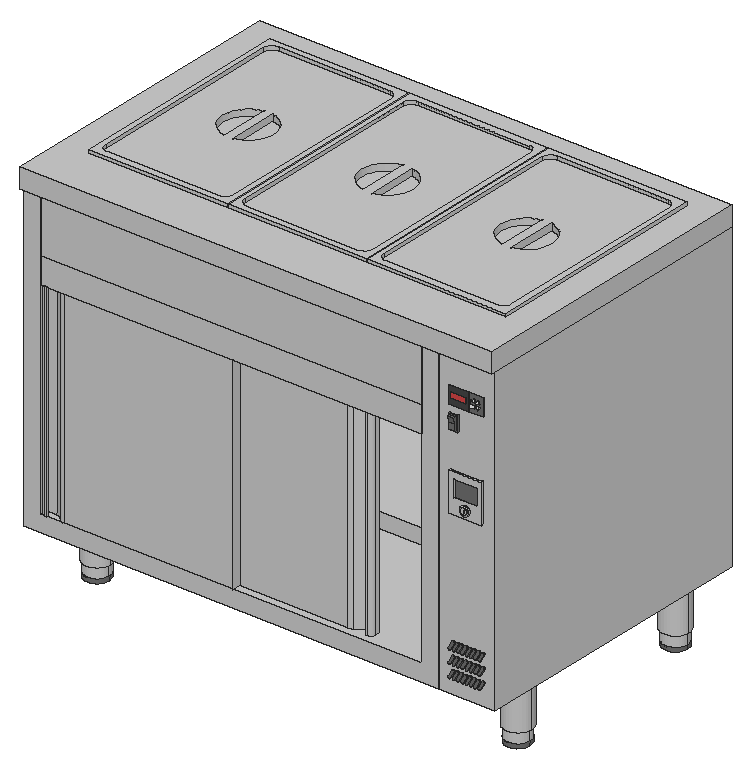
Revit family "QF_INOMAK_MHV711_250605084458", category Specialty Equipment, Revit 2021
Family settings
  Round Connector Dimension = Use Diameter
  Part Type = Normal
  OmniClass Number = 23.40.40.14
  OmniClass Title = Food Service Equipment
  Work Plane-Based = No
  Always vertical = Yes
  Cut with Voids When Loaded = No
  Shared = No
  Room Calculation Point = No
Parameters (values of type "MHV711")
  Weight [instance] = 53.00 kg
  Waste Water Discharge Temperature [instance] = 0 °C
  Waste Remarks [instance] = ""
  Warranty Start Date [instance] = ""
  Warranty Duration [instance] = ""
  Volts [instance] = 400 V
  Volt Free Conn [instance] = no
  URL Recommended Spares List [instance] = ""
  URL Manufacturer [instance] = ""
  URL Cutsheet [instance] = ""
  URL Critical Spares List [instance] = ""
  URL = "www.inomak.com"
  Technical Documentation [instance] = ""
  Tag Number [instance] = ""
  Status [instance] = ""
  Start Up Current [instance] = 0 A
  Specification by User [instance] = ""
  Specification by Manufacturer [instance] = ""
  Sound Level [instance] = ""
  Show Logo [instance] = yes
  Show Clearances [instance] = yes
  Service Life Duration [instance] = ""
  Serial Number [instance] = ""
  Seismic Rating [instance] = ""
  SMACNA No [instance] = ""
  Revision Code [instance] = ""
  Revision [instance] = ""
  Production Year [instance] = ""
  Potential Equalisation [instance] = no
  Point Load [instance] = 0
  Plumbing Remarks [instance] = ""
  Plumbing Connection Type [instance] = ""
  Phase [instance] = 3
  Other Equipment Approvals [instance] = ""
  Operational Current [instance] = 0 A
  Odor Trap Included [instance] = no
  Number of Poles [instance] = 3
  No Load Power Draw [instance] = no
  National Water Regulation Certification [instance] = no
  NAFEM Spec ID Number [instance] = ""
  Model Warning [instance] = ""
  Model = "MHV711"
  Min Ckt Ampacity [instance] = 0 A
  Max Overcurrent Protection [instance] = 10 A
  Masterspec [instance] = ""
  Manufacturer = "INOMAK"
  Main switch integrated [instance] = no
  Length Actual [instance] = 1102 mm
  Item Number [instance] = ""
  Installed By [instance] = ""
  Installation Date [instance] = ""
  Indirect Waste Size [instance] = 25.4 mm
  Indirect Waste Remarks [instance] = ""
  Indirect Waste Flow [instance] = 0.0 L/s
  Indirect Waste Connection Type [instance] = ""
  Indirect Waste Connection Height [instance] = 0 mm
  Identify Quantity as Lot [instance] = no
  ID [instance] = ""
  Hygiene Approval [instance] = ""
  Height Actual [instance] = 900 mm
  HP power [instance] = ""
  Furnished By [instance] = ""
  Foodservice Equipment Identifier [instance] = no
  FL Amps [instance] = 16.8 A
  Electrical Remarks [instance] = ""
  Electric power [instance] = 3840 W
  Electric Connection Type [instance] = ""
  Elec Conn RI Height [instance] = 0 mm
  Elec Conn Connection Height [instance] = 0 mm
  ETL Approved [instance] = no
  Direct Waste Water Discharge Temperature [instance] = -273.15 °C
  Direct Waste Size [instance] = 25.4 mm
  Direct Waste RI Height [instance] = 0 mm
  Direct Waste Flow [instance] = 0.0 L/s
  Direct Waste Connection Height [instance] = 0 mm
  Description = "BAIN MARIE ON HEATED CUPBOARD WITH 2 GN PANS CAPACITY"
  Depth Actual [instance] = 700 mm
  Default Elevation = 0 mm
  Cycle [instance] = 50 Hz
  Cost = 0
  Connection to energy optimisation system [instance] = yes
  Conn Plug [instance] = ""
  Conn Conduit [instance] = no
  Cold Water Temperature Recommended [instance] = 0 °C
  Cold Water Size [instance] = 12.7 mm
  Cold Water Remarks [instance] = ""
  Cold Water RI Height [instance] = 0 mm
  Cold Water Quality [instance] = ""
  Cold Water Minimum Pressure [instance] = 200000.0 Pa
  Cold Water Maximum Pressure [instance] = 600000.0 Pa
  Cold Water Flow [instance] = 0.0 L/s
  Cold Water Connection Type [instance] = ""
  Cold Water Connection Height [instance] = 0 mm
  Centralized building control system with digital interface [instance] = ""
  CSI MasterFormat [instance] = ""
  CE Approved [instance] = no
  Barcode [instance] = 0
  Author [instance] = ""
  Asset Identifier [instance] = ""
  Apparent Power [instance] = 3840 VA
  Accessory [instance] = no
Reference planes
  plane 1 "Center (Front/Back)": y = 0
  plane 2: z = 0
  plane 3 "Center (Left/Right)": x = 0
Forms (mm)
  Extrusion 1, solid, not visible
    sketch origin (110.005, -510.025, 146.007) x (1, 0, 0) y (0, 1, 0)
      loop
        line (-2, 2) -> (-2, -2) -> (2, -2) -> (2, 2) -> (-2, 2)
    from -2 to 2
  Extrusion 2, solid, not visible
    sketch origin (110.005, -510.025, 146.007) x (1, 0, 0) y (0, 1, 0)
      loop
        line (-2, 2) -> (-2, -2) -> (2, -2) -> (2, 2) -> (-2, 2)
    from -2 to 2
  Extrusion 3, solid, not visible
    sketch origin (1055.051, -635.031, 146.007) x (1, 0, 0) y (0, 1, 0)
      loop
        line (-2, 2) -> (-2, -2) -> (2, -2) -> (2, 2) -> (-2, 2)
    from -2 to 2
Dimensions and locks
  locked: nested 2 to Extrusion 1 at 2  (x2)
  locked: nested 3 to Extrusion 2 at 2  (x2)
  locked: nested 4 to Extrusion 3 at 2  (x2)
  aligned and locked: level to plane 2
Nested families
  nested 1: "QF_INOMAK_CUPBOARD_BAIN_MARIES_1105_2920" at (0, 0, 144), type "MHV711"
    with Weight 53.00 kg, Warranty Start Date "", Warranty Duration "", URL Cutsheet "", Technical Documentation "", Tag Number "", Status "", Specification by User "", Specification by Manufacturer "", Sound Level "", Solid Fuel Type "", Show Logo yes, Show Clearances yes, Service Life Duration "", Serial Number "", Seismic Rating "", SMACNA No "", Revision Code "", Revision "", Production Year "", Point Load 0, Other Equipment Approvals "", NAFEM Spec ID Number "", Model Warning "", Masterspec "", Length Actual 1102 mm, Item Number "", Installed By "", Installation Date "", Identify Quantity as Lot yes, ID "", Hygiene Approval "", Height Actual 900 mm, Furnished By "", Foodservice Equipment Identifier yes, ETL Approved yes, Depth Actual 700 mm, CSI MasterFormat "", CE Approved yes, Barcode "", Author "", Asset Identifier "", Accessory no
  nested 2: "CONN_POINT_COLDWATER_2D___Generic_Annotation" at (110.005, -510.025, 144.007), type "CONN_POINT_COLDWATER_2D___Generic_Annotation"
    with Onboard connection annotation symbol visibility yes
  nested 3: "CONN_POINT_DRAIN_2D___Generic_Annotation" at (110.005, -510.025, 144.007), type "CONN_POINT_DRAIN_2D___Generic_Annotation"
    with Onboard connection annotation symbol visibility yes
  nested 4: "CONN_POINT_ELE_2D___Generic_Annotation" at (1055.051, -635.031, 144.007), type "CONN_POINT_ELE_2D___Generic_Annotation"
    with Onboard connection annotation symbol visibility yes
  nested 5: "QF_INOMAK_LEGS_4995" at (0, 0, 0), type "LG-1105-700"
    with Weight 0.00 kg, Warranty Start Date "", Warranty Duration "", URL Cutsheet "", Technical Documentation "", Tag Number "", Status "", Specification by User "", Specification by Manufacturer "", Sound Level "", Solid Fuel Type "", Show Logo yes, Show Clearances yes, Service Life Duration "", Serial Number "", Seismic Rating "", SMACNA No "", Revision Code "", Revision "", Production Year "", Point Load 0, Other Equipment Approvals "", NAFEM Spec ID Number "", Model Warning "", Masterspec "", Length Actual 1103 mm, Item Number "", Installed By "", Installation Date "", Identify Quantity as Lot yes, ID "", Hygiene Approval "", Height Actual 144 mm, Furnished By "", Foodservice Equipment Identifier yes, ETL Approved yes, Depth Actual 700 mm, CSI MasterFormat "", CE Approved yes, Barcode "", Author "", Asset Identifier "", Accessory yes
Connectors
  piping at (110.005, -510.025, 144.007), diameter 12.7, driven by "Cold Water Size", driven by "Cold Water Flow"
    settings: on Extrusion 1, index 1, connector inside diameter 609.6 mm, connector length 0 mm, flow factor 0, pipe flow 0.0 L/s, pressure drop 0.0 Pa, fitting loss kfactor 0, connector angle 0.00°, fixture units 0, engagement length 0 mm, angle of deflection 0.00°, flow configuration 1, flow direction 1, fitting loss method 0, system type 20, joint type 0, gender type 0, connector reference index -1, connector utility 0, adjustable connector no, is connector primary yes, connector description "Cold Water connection for MHV711"
  piping at (110.005, -510.025, 144.007), diameter 25.4, driven by "Indirect Waste Size", driven by "Direct Waste Flow"
    settings: on Extrusion 2, index 2, connector inside diameter 609.6 mm, connector length 0 mm, flow factor 0, pipe flow 0.0 L/s, pressure drop 0.0 Pa, fitting loss kfactor 0, connector angle 0.00°, fixture units 0, engagement length 0 mm, angle of deflection 0.00°, flow configuration 1, flow direction 2, fitting loss method 0, system type 16, joint type 0, gender type 0, connector reference index -1, connector utility 0, adjustable connector no, is connector primary no, connector description "Waste connection for MHV711"
  electrical at (1055.051, -635.031, 144.007), driven by "Apparent Power", driven by "Number of Poles", driven by "Volts"
    settings: on Extrusion 3, index 3, voltage 400 V, apparent load 0 VA, apparent load phase1 3840 VA, apparent load phase2 0 VA, apparent load phase3 0 VA, power factor 1, load classification "Other", number of poles 3, system type 31, power factor state 1, is connector primary yes, connector utility no, sub classification motor no, connector description "Electrical connection for MHV711"
Definition of nested family "QF_INOMAK_CUPBOARD_BAIN_MARIES_1105_2920"
  Parameters (values of type "MFV711")
    Weight [instance] = 0.00 kg
    Warranty Start Date [instance] = ""
    Warranty Duration [instance] = ""
    URL Cutsheet [instance] = ""
    URL = "www.inomak.com"
    Technical Documentation [instance] = ""
    Tag Number [instance] = ""
    Status [instance] = ""
    Specification by User [instance] = ""
    Specification by Manufacturer [instance] = ""
    Sound Level [instance] = ""
    Solid Fuel Type [instance] = ""
    Show Logo [instance] = yes
    Show Clearances [instance] = yes
    Service Life Duration [instance] = ""
    Serial Number [instance] = ""
    Seismic Rating [instance] = ""
    SMACNA No [instance] = ""
    Revision Code [instance] = ""
    Revision [instance] = ""
    Production Year [instance] = ""
    Point Load [instance] = 0
    Other Equipment Approvals [instance] = ""
    NAFEM Spec ID Number [instance] = ""
    Model Warning [instance] = ""
    Model = "MFV711"
    Masterspec [instance] = ""
    Manufacturer = "INOMAK"
    Length Actual [instance] = 0 mm
    Item Number [instance] = ""
    Installed By [instance] = ""
    Installation Date [instance] = ""
    Identify Quantity as Lot [instance] = yes
    ID [instance] = ""
    Hygiene Approval [instance] = ""
    Height Actual [instance] = 0 mm
    Furnished By [instance] = ""
    Foodservice Equipment Identifier [instance] = yes
    ETL Approved [instance] = yes
    Description = "BAIN MARIE ON CUPBOARD WITH 2 GN PANS CAPACITY AND SHOWCASE"
    Depth Actual [instance] = 0 mm
    Default Elevation = 0 mm
    CSI MasterFormat [instance] = ""
    CE Approved [instance] = yes
    Barcode [instance] = ""
    Author [instance] = ""
    Asset Identifier [instance] = ""
    Assembly Code = "E1090320"
    Accessory [instance] = yes
  Types (10, lengths in mm): name | Model | Description
    MFV711 | "MFV711" | "BAIN MARIE ON CUPBOARD WITH 2 GN PANS CAPACITY AND SHOWCASE"
    MVV711 | "MVV711" | "BAIN MARIE ON CUPBOARD WITH 2 GN PANS CAPACITY AND SINGLE SNEEZE GUARD"
    MFSQ711 | "MFSQ711" | "BAIN MARIE ON CUPBOARD WITH 2 GN PANS CAPACITY AND SQUARE SHOWCASE"
    MHV711 | "MHV711" | "BAIN MARIE ON HEATED CUPBOARD WITH 2 GN PANS CAPACITY"
    MDV711 | "MDV711" | "BAIN MARIE ON CUPBOARD WITH 2 GN PANS CAPACITY"
    MRV711 | "MRV711" | "BAIN MARIE ON CUPBOARD WITH 2 GN PANS CAPACITY AND DOUBLE SNEEZE GUARD"
    MIV711 | "MIV711" | "BAIN MARIE ON HEATED CUPBOARD WITH 2 GN PANS CAPACITY AND SHOWCASE"
    MJV711 | "MJV711" | "BAIN MARIE ON HEATED CUPBOARD WITH 2 GN PANS CAPACITY AND SINGLE SNEEZE GUARD"
    MQV711 | "MQV711" | "BAIN MARIE ON HEATED CUPBOARD WITH 2 GN PANS CAPACITY AND DOUBLE SNEEZE GUARD"
    MISQ711 | "MISQ711" | "BAIN MARIE ON HEATED CUPBOARD WITH 2 GN PANS CAPACITY AND SQUARE SHOWCASE"
  Reference planes
    plane 1 "Back": y = 0
    plane 2: z = 0
    plane 3 "Left": x = 0
    plane 4 "Right": x = 1102
    plane 5 "Front": y = -700
    plane 6 "Top": z = 756
  Forms (mm)
    Extrusion 1, solid
      sketch origin (479.783, -707, -123.631) x (-1, 0, 0) y (0, 0, 1)
        loop
          arc (-522.253, 235.165) -> (-526.351, 236.263) -> (-527.449, 232.165) r 3
          line (-527.449, 232.165) -> (-518.449, 216.577)
          arc (-518.449, 216.577) -> (-514.351, 215.479) -> (-513.253, 219.577) r 3
          line (-513.253, 219.577) -> (-522.253, 235.165)
        loop
          arc (-532.253, 235.165) -> (-536.351, 236.263) -> (-537.449, 232.165) r 3
          line (-537.449, 232.165) -> (-528.449, 216.577)
          arc (-528.449, 216.577) -> (-524.351, 215.479) -> (-523.253, 219.577) r 3
          line (-523.253, 219.577) -> (-532.253, 235.165)
        loop
          arc (-542.253, 235.165) -> (-546.351, 236.263) -> (-547.449, 232.165) r 3
          line (-547.449, 232.165) -> (-538.449, 216.577)
          arc (-538.449, 216.577) -> (-534.351, 215.479) -> (-533.253, 219.577) r 3
          line (-533.253, 219.577) -> (-542.253, 235.165)
        loop
          arc (-552.253, 235.165) -> (-556.351, 236.263) -> (-557.449, 232.165) r 3
          line (-557.449, 232.165) -> (-548.449, 216.577)
          arc (-548.449, 216.577) -> (-544.351, 215.479) -> (-543.253, 219.577) r 3
          line (-543.253, 219.577) -> (-552.253, 235.165)
        loop
          arc (-562.253, 235.165) -> (-566.351, 236.263) -> (-567.449, 232.165) r 3
          line (-567.449, 232.165) -> (-558.449, 216.577)
          arc (-558.449, 216.577) -> (-554.351, 215.479) -> (-553.253, 219.577) r 3
          line (-553.253, 219.577) -> (-562.253, 235.165)
        loop
          arc (-572.253, 235.165) -> (-576.351, 236.263) -> (-577.449, 232.165) r 3
          line (-577.449, 232.165) -> (-568.449, 216.577)
          arc (-568.449, 216.577) -> (-564.351, 215.479) -> (-563.253, 219.577) r 3
          line (-563.253, 219.577) -> (-572.253, 235.165)
        loop
          arc (-582.253, 235.165) -> (-586.351, 236.263) -> (-587.449, 232.165) r 3
          line (-587.449, 232.165) -> (-578.449, 216.577)
          arc (-578.449, 216.577) -> (-574.351, 215.479) -> (-573.253, 219.577) r 3
          line (-573.253, 219.577) -> (-582.253, 235.165)
        loop
          arc (-592.253, 235.165) -> (-596.351, 236.263) -> (-597.449, 232.165) r 3
          line (-597.449, 232.165) -> (-588.449, 216.577)
          arc (-588.449, 216.577) -> (-584.351, 215.479) -> (-583.253, 219.577) r 3
          line (-583.253, 219.577) -> (-592.253, 235.165)
        loop
          arc (-522.253, 205.165) -> (-526.351, 206.263) -> (-527.449, 202.165) r 3
          line (-527.449, 202.165) -> (-518.449, 186.577)
          arc (-518.449, 186.577) -> (-514.351, 185.479) -> (-513.253, 189.577) r 3
          line (-513.253, 189.577) -> (-522.253, 205.165)
        loop
          arc (-532.253, 205.165) -> (-536.351, 206.263) -> (-537.449, 202.165) r 3
          line (-537.449, 202.165) -> (-528.449, 186.577)
          arc (-528.449, 186.577) -> (-524.351, 185.479) -> (-523.253, 189.577) r 3
          line (-523.253, 189.577) -> (-532.253, 205.165)
        loop
          arc (-542.253, 205.165) -> (-546.351, 206.263) -> (-547.449, 202.165) r 3
          line (-547.449, 202.165) -> (-538.449, 186.577)
          arc (-538.449, 186.577) -> (-534.351, 185.479) -> (-533.253, 189.577) r 3
          line (-533.253, 189.577) -> (-542.253, 205.165)
        loop
          arc (-552.253, 205.165) -> (-556.351, 206.263) -> (-557.449, 202.165) r 3
          line (-557.449, 202.165) -> (-548.449, 186.577)
          arc (-548.449, 186.577) -> (-544.351, 185.479) -> (-543.253, 189.577) r 3
          line (-543.253, 189.577) -> (-552.253, 205.165)
        loop
          arc (-562.253, 205.165) -> (-566.351, 206.263) -> (-567.449, 202.165) r 3
          line (-567.449, 202.165) -> (-558.449, 186.577)
          arc (-558.449, 186.577) -> (-554.351, 185.479) -> (-553.253, 189.577) r 3
          line (-553.253, 189.577) -> (-562.253, 205.165)
        loop
          arc (-572.253, 205.165) -> (-576.351, 206.263) -> (-577.449, 202.165) r 3
          line (-577.449, 202.165) -> (-568.449, 186.577)
          arc (-568.449, 186.577) -> (-564.351, 185.479) -> (-563.253, 189.577) r 3
          line (-563.253, 189.577) -> (-572.253, 205.165)
        loop
          arc (-582.253, 205.165) -> (-586.351, 206.263) -> (-587.449, 202.165) r 3
          line (-587.449, 202.165) -> (-578.449, 186.577)
          arc (-578.449, 186.577) -> (-574.351, 185.479) -> (-573.253, 189.577) r 3
          line (-573.253, 189.577) -> (-582.253, 205.165)
        loop
          arc (-592.253, 205.165) -> (-596.351, 206.263) -> (-597.449, 202.165) r 3
          line (-597.449, 202.165) -> (-588.449, 186.577)
          arc (-588.449, 186.577) -> (-584.351, 185.479) -> (-583.253, 189.577) r 3
          line (-583.253, 189.577) -> (-592.253, 205.165)
        loop
          arc (-522.253, 175.165) -> (-526.351, 176.263) -> (-527.449, 172.165) r 3
          line (-527.449, 172.165) -> (-518.449, 156.577)
          arc (-518.449, 156.577) -> (-514.351, 155.479) -> (-513.253, 159.577) r 3
          line (-513.253, 159.577) -> (-522.253, 175.165)
        loop
          arc (-532.253, 175.165) -> (-536.351, 176.263) -> (-537.449, 172.165) r 3
          line (-537.449, 172.165) -> (-528.449, 156.577)
          arc (-528.449, 156.577) -> (-524.351, 155.479) -> (-523.253, 159.577) r 3
          line (-523.253, 159.577) -> (-532.253, 175.165)
        loop
          arc (-542.253, 175.165) -> (-546.351, 176.263) -> (-547.449, 172.165) r 3
          line (-547.449, 172.165) -> (-538.449, 156.577)
          arc (-538.449, 156.577) -> (-534.351, 155.479) -> (-533.253, 159.577) r 3
          line (-533.253, 159.577) -> (-542.253, 175.165)
        loop
          arc (-552.253, 175.165) -> (-556.351, 176.263) -> (-557.449, 172.165) r 3
          line (-557.449, 172.165) -> (-548.449, 156.577)
          arc (-548.449, 156.577) -> (-544.351, 155.479) -> (-543.253, 159.577) r 3
          line (-543.253, 159.577) -> (-552.253, 175.165)
        loop
          arc (-562.253, 175.165) -> (-566.351, 176.263) -> (-567.449, 172.165) r 3
          line (-567.449, 172.165) -> (-558.449, 156.577)
          arc (-558.449, 156.577) -> (-554.351, 155.479) -> (-553.253, 159.577) r 3
          line (-553.253, 159.577) -> (-562.253, 175.165)
        loop
          arc (-572.253, 175.165) -> (-576.351, 176.263) -> (-577.449, 172.165) r 3
          line (-577.449, 172.165) -> (-568.449, 156.577)
          arc (-568.449, 156.577) -> (-564.351, 155.479) -> (-563.253, 159.577) r 3
          line (-563.253, 159.577) -> (-572.253, 175.165)
        loop
          arc (-582.253, 175.165) -> (-586.351, 176.263) -> (-587.449, 172.165) r 3
          line (-587.449, 172.165) -> (-578.449, 156.577)
          arc (-578.449, 156.577) -> (-574.351, 155.479) -> (-573.253, 159.577) r 3
          line (-573.253, 159.577) -> (-582.253, 175.165)
        loop
          arc (-592.253, 175.165) -> (-596.351, 176.263) -> (-597.449, 172.165) r 3
          line (-597.449, 172.165) -> (-588.449, 156.577)
          arc (-588.449, 156.577) -> (-584.351, 155.479) -> (-583.253, 159.577) r 3
          line (-583.253, 159.577) -> (-592.253, 175.165)
      from 16.5 to 18.5
    Extrusion 2, solid
      sketch origin (787.766, -692, 538.514) x (-1, 0, 0) y (0, 0, 1)
        loop
          line (-208.234, 108.408) -> (-253.234, 108.408) -> (-253.234, 68.408) -> (-208.234, 68.408) -> (-208.234, 108.408)
      from 0 to 2
    Extrusion 3, solid
      sketch origin (66, -693, 539.422) x (-1, 0, 0) y (0, 0, 1)
        loop
          line (-950, 15) -> (-930, 15) -> (-930, 50) -> (-950, 50) -> (-950, 15)
      from 0 to 3
    Extrusion 4, solid
      sketch origin (94, -568, 539.422) x (0, 1, 0) y (0, 0, 1)
        loop
          line (-125, 18) -> (-125, 47)
          arc (-125, 47) -> (-127.961, 46.812) -> (-130.754, 45.81) r 10.576
          line (-130.754, 45.81) -> (-128, 32.5) -> (-128, 18) -> (-125, 18)
      from 905 to 919
    Extrusion 5, solid
      sketch origin (832.766, -692, 538.514) x (-1, 0, 0) y (0, 0, 1)
        loop
          line (-208.234, 108.408) -> (-243.234, 108.408) -> (-243.234, 68.408) -> (-208.234, 68.408) -> (-208.234, 108.408)
      from 0 to 2
    Extrusion 6, solid
      sketch origin (787.766, -692.5, 538.514) x (-1, 0, 0) y (0, 0, 1)
        loop
          line (-213.234, 94.908) -> (-248.234, 94.908) -> (-248.234, 81.908) -> (-213.234, 81.908) -> (-213.234, 94.908)
      from 0 to 2.5
    Extrusion 7, solid
      sketch origin (787.766, -692.5, 538.514) x (-1, 0, 0) y (0, 0, 1)
        loop
          line (-271.558, 91.171) -> (-275.802, 98.522) -> (-280.047, 91.171) -> (-271.558, 91.171)
        loop
          line (-271.558, 85.645) -> (-280.047, 85.645) -> (-275.802, 78.294) -> (-271.558, 85.645)
        loop
          line (-257.397, 85.645) -> (-267.397, 85.645) -> (-267.397, 78.294) -> (-257.397, 78.294) -> (-257.397, 85.645)
        loop
          line (-265.397, 98.522) -> (-267.397, 98.522) -> (-267.397, 92.322) -> (-259.549, 92.322) -> (-259.549, 91.171) -> (-257.397, 93.322) -> (-259.549, 95.474) -> (-259.549, 94.322) -> (-265.397, 94.322) -> (-265.397, 98.522)
      from 0 to 2.5
    Extrusion 8, solid
      sketch origin (8.5, 0, 492) x (1, 0, 0) y (0, 1, 0)
        loop
          line (55, -50) -> (55, -580) -> (380, -580) -> (380, -50) -> (55, -50)
        loop
          arc (87.5, -65) -> (73.358, -70.858) -> (67.5, -85) r 20
          line (67.5, -85) -> (67.5, -545.415)
          arc (67.5, -545.415) -> (73.358, -559.557) -> (87.5, -565.415) r 20
          line (87.5, -565.415) -> (347.5, -565.415)
          arc (347.5, -565.415) -> (361.642, -559.557) -> (367.5, -545.415) r 20
          line (367.5, -545.415) -> (367.5, -85)
          arc (367.5, -85) -> (361.642, -70.858) -> (347.5, -65) r 20
          line (347.5, -65) -> (87.5, -65)
      from 218 to 270
    Extrusion 9, solid
      sketch origin (8.5, 0, 485) x (1, 0, 0) y (0, 1, 0)
        loop
          arc (67.5, -545.415) -> (73.358, -559.557) -> (87.5, -565.415) r 20
          line (87.5, -565.415) -> (347.5, -565.415)
          arc (347.5, -565.415) -> (361.642, -559.557) -> (367.5, -545.415) r 20
          line (367.5, -545.415) -> (367.5, -85)
          arc (367.5, -85) -> (361.642, -70.858) -> (347.5, -65) r 20
          line (347.5, -65) -> (87.5, -65)
          arc (87.5, -65) -> (73.358, -70.858) -> (67.5, -85) r 20
          line (67.5, -85) -> (67.5, -545.415)
      from 225 to 270
    Extrusion 10, void
      sketch origin (8.5, 0, 500) x (1, 0, 0) y (0, 1, 0)
        loop
          arc (207.5, -256.046) -> (157.5, -315.207) -> (207.5, -374.368) r 60
          line (207.5, -374.368) -> (207.5, -256.046)
        loop
          line (227.5, -256.046) -> (227.5, -374.368)
          arc (227.5, -374.368) -> (277.5, -315.207) -> (227.5, -256.046) r 60
      from 240 to 270
    Extrusion 11, solid
      sketch origin (333.5, 0, 492) x (1, 0, 0) y (0, 1, 0)
        loop
          line (55, -50) -> (55, -580) -> (380, -580) -> (380, -50) -> (55, -50)
        loop
          arc (87.5, -65) -> (73.358, -70.858) -> (67.5, -85) r 20
          line (67.5, -85) -> (67.5, -545.415)
          arc (67.5, -545.415) -> (73.358, -559.557) -> (87.5, -565.415) r 20
          line (87.5, -565.415) -> (347.5, -565.415)
          arc (347.5, -565.415) -> (361.642, -559.557) -> (367.5, -545.415) r 20
          line (367.5, -545.415) -> (367.5, -85)
          arc (367.5, -85) -> (361.642, -70.858) -> (347.5, -65) r 20
          line (347.5, -65) -> (87.5, -65)
      from 218 to 270
    Extrusion 12, solid
      sketch origin (333.5, 0, 485) x (1, 0, 0) y (0, 1, 0)
        loop
          arc (67.5, -545.415) -> (73.358, -559.557) -> (87.5, -565.415) r 20
          line (87.5, -565.415) -> (347.5, -565.415)
          arc (347.5, -565.415) -> (361.642, -559.557) -> (367.5, -545.415) r 20
          line (367.5, -545.415) -> (367.5, -85)
          arc (367.5, -85) -> (361.642, -70.858) -> (347.5, -65) r 20
          line (347.5, -65) -> (87.5, -65)
          arc (87.5, -65) -> (73.358, -70.858) -> (67.5, -85) r 20
          line (67.5, -85) -> (67.5, -545.415)
      from 225 to 270
    Extrusion 13, void
      sketch origin (333.5, 0, 500) x (1, 0, 0) y (0, 1, 0)
        loop
          arc (207.5, -256.046) -> (157.5, -315.207) -> (207.5, -374.368) r 60
          line (207.5, -374.368) -> (207.5, -256.046)
        loop
          line (227.5, -256.046) -> (227.5, -374.368)
          arc (227.5, -374.368) -> (277.5, -315.207) -> (227.5, -256.046) r 60
      from 240 to 270
    Extrusion 14, solid
      sketch origin (658.5, 0, 492) x (1, 0, 0) y (0, 1, 0)
        loop
          line (55, -50) -> (55, -580) -> (380, -580) -> (380, -50) -> (55, -50)
        loop
          arc (87.5, -65) -> (73.358, -70.858) -> (67.5, -85) r 20
          line (67.5, -85) -> (67.5, -545.415)
          arc (67.5, -545.415) -> (73.358, -559.557) -> (87.5, -565.415) r 20
          line (87.5, -565.415) -> (347.5, -565.415)
          arc (347.5, -565.415) -> (361.642, -559.557) -> (367.5, -545.415) r 20
          line (367.5, -545.415) -> (367.5, -85)
          arc (367.5, -85) -> (361.642, -70.858) -> (347.5, -65) r 20
          line (347.5, -65) -> (87.5, -65)
      from 218 to 270
    Extrusion 15, solid
      sketch origin (658.5, 0, 485) x (1, 0, 0) y (0, 1, 0)
        loop
          arc (67.5, -545.415) -> (73.358, -559.557) -> (87.5, -565.415) r 20
          line (87.5, -565.415) -> (347.5, -565.415)
          arc (347.5, -565.415) -> (361.642, -559.557) -> (367.5, -545.415) r 20
          line (367.5, -545.415) -> (367.5, -85)
          arc (367.5, -85) -> (361.642, -70.858) -> (347.5, -65) r 20
          line (347.5, -65) -> (87.5, -65)
          arc (87.5, -65) -> (73.358, -70.858) -> (67.5, -85) r 20
          line (67.5, -85) -> (67.5, -545.415)
      from 225 to 270
    Extrusion 16, void
      sketch origin (658.5, 0, 500) x (1, 0, 0) y (0, 1, 0)
        loop
          arc (207.5, -256.046) -> (157.5, -315.207) -> (207.5, -374.368) r 60
          line (207.5, -374.368) -> (207.5, -256.046)
        loop
          line (227.5, -256.046) -> (227.5, -374.368)
          arc (227.5, -374.368) -> (277.5, -315.207) -> (227.5, -256.046) r 60
      from 240 to 270
    Extrusion 17, solid
      sketch origin (0, 0, 710) x (1, 0, 0) y (0, 1, 0)
        loop
          line (0, 0) -> (0, -700) -> (1102, -700) -> (1102, 0) -> (0, 0)
        loop
          line (63.5, -50) -> (63.5, -580) -> (1038.5, -580) -> (1038.5, -50) -> (63.5, -50)
      from 0 to 46
    Extrusion 18, solid
      sketch origin (0, 0, 0) x (1, 0, 0) y (0, 1, 0)
        loop
          line (0, -690) -> (40, -690) -> (40, -40) -> (930, -40) -> (930, -690) -> (970, -690) -> (970, 0) -> (0, 0) -> (0, -690)
      from 0 to 710
    Extrusion 19, solid
      sketch origin (-1.5, 0, 0) x (1, 0, 0) y (0, 1, 0)
        loop
          line (971.5, 0) -> (971.5, -690) -> (1103.5, -690) -> (1103.5, 0) -> (971.5, 0)
      from 0 to 710
    Extrusion 20, solid
      sketch origin (-130, -690, 0) x (-1, 0, 0) y (0, 1, 0)
        loop
          line (-170, 10) -> (-170, 20) -> (-620, 20) -> (-620, 0) -> (-226.156, 0)
          arc (-226.156, 0) -> (-220.272, 0.885) -> (-214.91, 3.461) r 20
          line (-214.91, 3.461) -> (-195, 17) -> (-173, 17) -> (-173, 10)
          arc (-173, 10) -> (-175.05, 5.05) -> (-180, 3) r 7
          line (-180, 3) -> (-185.012, 3) -> (-185.012, 0) -> (-180, 0)
          arc (-180, 0) -> (-172.929, 2.929) -> (-170, 10) r 10
      from -40 to -520
    Extrusion 21, solid
      sketch origin (-131.5, -690, 0) x (-1, 0, 0) y (0, 1, 0)
        loop
          arc (-930, 30) -> (-927.071, 22.929) -> (-920, 20) r 10
          line (-920, 20) -> (-914.988, 20) -> (-914.988, 23) -> (-920, 23)
          arc (-920, 23) -> (-924.95, 25.05) -> (-927, 30) r 7
          line (-927, 30) -> (-927, 37) -> (-905, 37) -> (-885.09, 23.461)
          arc (-885.09, 23.461) -> (-879.728, 20.885) -> (-873.844, 20) r 20
          line (-873.844, 20) -> (-480, 20) -> (-480, 40) -> (-930, 40) -> (-930, 30)
      from -40 to -520
    Extrusion 22, solid
      sketch origin (0, 0, 0) x (1, 0, 0) y (0, 1, 0)
        loop
          line (40, -40) -> (40, -690) -> (930, -690) -> (930, -40) -> (40, -40)
      from 0 to 40
    Extrusion 23, solid
      sketch origin (0.5, 0, 672.314) x (1, 0, 0) y (0, 1, 0)
        loop
          line (39.5, -40) -> (39.5, -690) -> (929.5, -690) -> (929.5, -40) -> (39.5, -40)
      from -92.314 to 37.686
    Extrusion 24, solid
      sketch origin (0, 0, 610.314) x (1, 0, 0) y (0, 1, 0)
        loop
          line (40, -40) -> (40, -690) -> (930, -690) -> (930, -40) -> (40, -40)
      from -90.314 to -30.314
    Extrusion 25, solid
      sketch origin (-1.5, 0, 255) x (1, 0, 0) y (0, 1, 0)
        loop
          line (41.5, -40) -> (41.5, -645) -> (931.5, -645) -> (931.5, -40) -> (41.5, -40)
      from 0 to 35
    Extrusion 26, solid
      sketch origin (5.502, -695, 50) x (-1, 0, 0) y (0, 0, 1)
        loop
          line (-992.998, 421.076) -> (-1067.998, 421.076) -> (-1067.998, 331.076) -> (-992.998, 331.076) -> (-992.998, 421.076)
        loop
          line (-1003.957, 406.276) -> (-1058.957, 406.276) -> (-1058.957, 366.276) -> (-1003.957, 366.276) -> (-1003.957, 406.276)
      from 0 to 5
    Extrusion 27, solid
      sketch origin (5.502, -692, 50) x (-1, 0, 0) y (0, 0, 1)
        loop
          line (-1003.957, 406.276) -> (-1058.957, 406.276) -> (-1058.957, 366.276) -> (-1003.957, 366.276) -> (-1003.957, 406.276)
      from 0 to 2
    Revolve 28, solid
      sketch origin (1036, 59.612, -3292.415) x (0, 1, 0) y (0, 0, 1)
        loop
          line (-757.012, 3691.152) -> (-754.612, 3691.152) -> (-754.612, 3701.789) -> (-757.662, 3701.789) -> (-759.012, 3699.998) -> (-757.012, 3699.998) -> (-757.012, 3691.152)
        axis (-754.612, 3691.152) -> (-759.012, 3691.152)
      angle from 0 to 360
    Extrusion 29, solid
      sketch origin (-1055.627, -695, 2689.585) x (-1, 0, 0) y (0, 0, 1)
        loop
          line (-2090.827, -2287.348) -> (-2092.827, -2287.348) -> (-2092.827, -2294.348) -> (-2090.827, -2294.348) -> (-2090.827, -2287.348)
        loop
          circle (-2091.627, -2290.848) r 7.846
      from -4.4 to -2.4
  Cuts and joins
    Extrusion 10, Extrusion 13 cuts Extrusion 9
    Extrusion 13, Extrusion 16 cuts Extrusion 12
    Extrusion 16 cuts Extrusion 15
    joined: Extrusion 18, Extrusion 22
  Lines and regions (mm)
    symbolic lines
      curve 1: line (0, 0, 0) -> (1102, 0, 0)
      curve 2: line (0, -700, 0) -> (0, 0, 0)
      curve 3: line (1102, -700, 0) -> (0, -700, 0)
      curve 4: line (1102, 0, 0) -> (1102, -700, 0)
      curve 5: line (63.5, -50, 0) -> (1038.5, -50, 0)
      curve 6: line (63.5, -580, 0) -> (63.5, -50, 0)
      curve 7: line (1038.5, -580, 0) -> (63.5, -580, 0)
      curve 8: line (713.5, -50, 0) -> (713.5, -580, 0)
      curve 9: line (388.5, -50, 0) -> (388.5, -580, 0)
      curve 10: line (1038.5, -50, 0) -> (1038.5, -580, 0)
      curve 11: line (96, -65, 0) -> (356, -65, 0)
      curve 12: arc (76, -85, 0) -> (81.858, -70.858, 0) -> (96, -65, 0) r 20
      curve 13: line (76, -545.415, 0) -> (76, -85, 0)
      curve 14: arc (96, -565.415, 0) -> (81.858, -559.557, 0) -> (76, -545.415, 0) r 20
      curve 15: line (356, -565.415, 0) -> (96, -565.415, 0)
      curve 16: arc (376, -545.415, 0) -> (370.142, -559.557, 0) -> (356, -565.415, 0) r 20
      curve 17: line (376, -85, 0) -> (376, -545.415, 0)
      curve 18: arc (356, -65, 0) -> (370.142, -70.858, 0) -> (376, -85, 0) r 20
      curve 19: arc (216, -256.046, 0) -> (166, -315.207, 0) -> (216, -374.368, 0) r 60
      curve 20: line (216, -374.368, 0) -> (216, -256.046, 0)
      curve 21: line (236, -256.046, 0) -> (236, -374.368, 0)
      curve 22: arc (236, -374.368, 0) -> (286, -315.207, 0) -> (236, -256.046, 0) r 60
      curve 23: arc (401, -85, 0) -> (406.858, -70.858, 0) -> (421, -65, 0) r 20
      curve 24: line (421, -65, 0) -> (681, -65, 0)
      curve 25: arc (681, -65, 0) -> (695.142, -70.858, 0) -> (701, -85, 0) r 20
      curve 26: line (701, -85, 0) -> (701, -545.415, 0)
      curve 27: arc (701, -545.415, 0) -> (695.142, -559.557, 0) -> (681, -565.415, 0) r 20
      curve 28: line (681, -565.415, 0) -> (421, -565.415, 0)
      curve 29: arc (421, -565.415, 0) -> (406.858, -559.557, 0) -> (401, -545.415, 0) r 20
      curve 30: line (401, -545.415, 0) -> (401, -85, 0)
      curve 31: arc (541, -256.046, 0) -> (491, -315.207, 0) -> (541, -374.368, 0) r 60
      curve 32: line (541, -374.368, 0) -> (541, -256.046, 0)
      curve 33: line (561, -256.046, 0) -> (561, -374.368, 0)
      curve 34: arc (561, -374.368, 0) -> (611, -315.207, 0) -> (561, -256.046, 0) r 60
      curve 35: line (746, -65, 0) -> (1006, -65, 0)
      curve 36: arc (1006, -65, 0) -> (1020.142, -70.858, 0) -> (1026, -85, 0) r 20
      curve 37: line (1026, -85, 0) -> (1026, -545.415, 0)
      curve 38: arc (1026, -545.415, 0) -> (1020.142, -559.557, 0) -> (1006, -565.415, 0) r 20
      curve 39: line (1006, -565.415, 0) -> (746, -565.415, 0)
      curve 40: arc (746, -565.415, 0) -> (731.858, -559.557, 0) -> (726, -545.415, 0) r 20
      curve 41: line (726, -545.415, 0) -> (726, -85, 0)
      curve 42: arc (726, -85, 0) -> (731.858, -70.858, 0) -> (746, -65, 0) r 20
      curve 43: arc (866, -256.046, 0) -> (816, -315.207, 0) -> (866, -374.368, 0) r 60
      curve 44: line (866, -374.368, 0) -> (866, -256.046, 0)
      curve 45: line (886, -256.046, 0) -> (886, -374.368, 0)
      curve 46: arc (886, -374.368, 0) -> (936, -315.207, 0) -> (886, -256.046, 0) r 60
  Dimensions and locks
    plane 3 "Left" to plane 4 "Right" = 1102 mm
    plane 5 "Front" to plane 1 "Back" = 700 mm
    plane 6 "Top" to plane 2 = 756 mm
    aligned and locked: level to plane 2
Definition of nested family "QF_INOMAK_LEGS_4995"
  Parameters (values of type "LG-1545-700-BC")
    Weight [instance] = 0.00 kg
    Warranty Start Date [instance] = ""
    Warranty Duration [instance] = ""
    URL Cutsheet [instance] = ""
    URL = "www.inomak.com"
    Technical Documentation [instance] = ""
    Tag Number [instance] = ""
    Status [instance] = ""
    Specification by User [instance] = ""
    Specification by Manufacturer [instance] = ""
    Sound Level [instance] = ""
    Solid Fuel Type [instance] = ""
    Show Logo [instance] = yes
    Show Clearances [instance] = yes
    Service Life Duration [instance] = ""
    Serial Number [instance] = ""
    Seismic Rating [instance] = ""
    SMACNA No [instance] = ""
    Right offset = 300 mm
    Revision Code [instance] = ""
    Revision [instance] = ""
    Rear offset = 90 mm
    Production Year [instance] = ""
    Point Load [instance] = 0
    Other Equipment Approvals [instance] = ""
    NAFEM Spec ID Number [instance] = ""
    Model Warning [instance] = ""
    Model = "LG"
    Masterspec [instance] = ""
    Manufacturer = "INOMAK"
    Length Actual [instance] = 0 mm
    Length = 1546 mm
    Left offset = 100 mm
    Item Number [instance] = ""
    Installed By [instance] = ""
    Installation Date [instance] = ""
    Identify Quantity as Lot [instance] = yes
    ID [instance] = ""
    Hygiene Approval [instance] = ""
    Height Actual [instance] = 0 mm
    Height = 115 mm
    Furnished By [instance] = ""
    Front offset = 150 mm
    Foodservice Equipment Identifier [instance] = yes
    ETL Approved [instance] = yes
    Description = "STANDARD LEGS"
    Depth Actual [instance] = 0 mm
    Depth = 700 mm
    Default Elevation = 0 mm
    CentralLegs = if(Length > 1900 mm, 2 > 1, 2 < 1)  # no
    CSI MasterFormat [instance] = ""
    CE Approved [instance] = yes
    Barcode [instance] = ""
    Author [instance] = ""
    Asset Identifier [instance] = ""
    Assembly Code = "E1090320"
    Accessory [instance] = yes
  Types (14, lengths in mm): name | Right offset | Rear offset | Length | Left offset | Height | Front offset | Depth | CentralLegs
    LG-720-830 | 100 | 60 | 720 | 100 | 115 | 160 | 830 | no
    LG-1440-830 | 100 | 60 | 1440 | 100 | 115 | 160 | 830 | no
    LG-720-730 | 100 | 60 | 720 | 100 | 115 | 160 | 730 | no
    LG-1440-730 | 100 | 60 | 1440 | 100 | 115 | 160 | 730 | no
    LG-1105-700 | 60 | 90 | 1103 | 60 | 144 | 150 | 700 | no
    LG-1545-700 | 300 | 90 | 1546 | 100 | 144 | 150 | 700 | no
    LG-1995-700 | 300 | 90 | 1996 | 100 | 144 | 150 | 700 | yes
    LG-1545-700-BC | 300 | 90 | 1546 | 100 | 115 | 150 | 700 | no
    LG-1995-700-BC | 300 | 90 | 1996 | 100 | 115 | 150 | 700 | yes
    LG-1410-700 | 60 | 90 | 1406 | 60 | 144 | 150 | 700 | no
    LG-1795-700 | 60 | 90 | 1792 | 60 | 144 | 150 | 700 | no
    LG-1105-600 | 60 | 90 | 1103 | 60 | 144 | 150 | 600 | no
    LG-1545-600 | 300 | 90 | 1546 | 100 | 144 | 150 | 600 | no
    LG-1995-600 | 300 | 90 | 1996 | 100 | 144 | 150 | 600 | yes
  Reference planes
    plane 1 "Back": y = 0
    plane 2: z = 0
    plane 3 "Left": x = 0
    plane 4 "Right": x = 1546
    plane 5 "Front": y = -700
    plane 6 "Top": z = 115
    plane 7 "Left offset": x = 100
    plane 8 "Right offset": x = 1246
    plane 9 "Rear offset": y = -90
    plane 10 "Front offset": y = -550
    plane 11: x = 673
  Dimensions and locks
    "Length": plane 3 "Left" to plane 4 "Right"
    "Depth": plane 5 "Front" to plane 1 "Back"
    "Left offset": plane 3 "Left" to plane 7 "Left offset"
    "Right offset": plane 8 "Right offset" to plane 4 "Right"
    "Rear offset": plane 9 "Rear offset" to plane 1 "Back"
    "Front offset": plane 10 "Front offset" to plane 5 "Front"
    "Height": plane 6 "Top" to level
    equal spacing: plane 7 "Left offset", plane 11, plane 8 "Right offset"
    aligned and locked: level to plane 2
    aligned and locked: nested 2 to plane 8 "Right offset"
    aligned and locked: nested 3 to plane 8 "Right offset"
    aligned and locked: nested 4 to plane 7 "Left offset"
    aligned and locked: nested 4 to plane 10 "Front offset"
    aligned and locked: nested 3 to plane 10 "Front offset"
    aligned and locked: nested 1 to plane 7 "Left offset"
    aligned and locked: nested 1 to plane 9 "Rear offset"
    aligned and locked: nested 2 to plane 9 "Rear offset"
    aligned and locked: nested 5 to plane 11
    aligned and locked: nested 5 to plane 10 "Front offset"
  Nested families
    nested 1: "QF_INOMAK_LEG" at (100, -90, 0), type "QF_INOMAK_LEG"
      with Height 115 mm
    nested 2: "QF_INOMAK_LEG" at (1246, -90, 0), type "QF_INOMAK_LEG"
      with Height 115 mm
    nested 3: "QF_INOMAK_LEG" at (1246, -550, 0), type "QF_INOMAK_LEG"
      with Height 115 mm
    nested 4: "QF_INOMAK_LEG" at (100, -550, 0), type "QF_INOMAK_LEG"
      with Height 115 mm
    nested 5: "QF_INOMAK_LEG" at (673, -550, 0), visible <- "CentralLegs", type "QF_INOMAK_LEG"
      with Height 115 mm
  Definition of nested family "QF_INOMAK_LEG"
    Parameters (values of type "QF_INOMAK_LEG")
      Height = 118 mm
      Default Elevation = 0 mm
    Reference planes
      plane 1 "Center (Front/Back)": y = 0
      plane 2: z = 0
      plane 3 "Center (Left/Right)": x = 0
      plane 4 "Top": z = 118
    Forms (mm)
      Extrusion 1, solid
        sketch origin (0, 0, 118) x (0, 1, 0) y (-1, 0, 0)
          loop
            line (50, 45) -> (-50, 45) -> (-50, -45) -> (50, -45) -> (50, 45)
        from 0 to -3
      Extrusion 2, solid
        sketch origin (-199.986, 580, 0) x (1, 0, 0) y (0, 1, 0)
          loop
            circle (199.986, -580) r 28
        from 9 to 35
      Extrusion 3, solid
        sketch origin (-199.986, 580, 0) x (1, 0, 0) y (0, 1, 0)
          loop
            circle (199.986, -580) r 28.5
        from 0 to 9
      Sweep 4, solid
        path origin (0, 0, 0) x (0, 1, 0) y (0, 0, 1)
          loop
            line (0, 115) -> (0, 35)
        profile origin (0, 0, 75) x (1, 0, 0) y (0, 1, 0)
          loop
            circle (0, 0) r 32
    Dimensions and locks
      "Height": plane 4 "Top" to plane 2
      aligned and locked: level to plane 2
    Automatic sketch dimensions
      plane 1 "Center (Front/Back)" to Extrusion 1 sketch curve = 50 mm
      Extrusion 1 sketch curve to plane 1 "Center (Front/Back)" = 50 mm
      plane 3 "Center (Left/Right)" to Extrusion 1 sketch curve = 45 mm
      Extrusion 1 sketch curve to plane 3 "Center (Left/Right)" = 45 mm
      plane 1 "Center (Front/Back)" to Extrusion 2 sketch curve = 0 mm
      Extrusion 2 sketch curve to plane 3 "Center (Left/Right)" = 0 mm
      plane 1 "Center (Front/Back)" to Extrusion 3 sketch curve = 0 mm
      Extrusion 3 sketch curve to plane 3 "Center (Left/Right)" = 0 mm
      Sweep 4 sketch curve to plane 1 "Center (Front/Back)" = 0 mm
      level to Sweep 4 sketch curve = 35 mm
      Sweep 4 sketch curve to plane 4 "Top" = 3 mm
      Sweep 4 sketch curve to plane 3 "Center (Left/Right)" = 0 mm
      profile plane to Sweep 4 sketch curve = 0 mm
      radius of Extrusion 2 sketch curve = 28 mm
      radius of Extrusion 3 sketch curve = 28.5 mm
      radius of Sweep 4 sketch curve = 32 mm
Definition of nested family "CONN_POINT_COLDWATER_2D___Generic_Annotation"
  Parameters (values of type "CONN_POINT_COLDWATER_2D___Generic_Annotation")
    Onboard connection annotation symbol visibility [instance] = yes
  Reference planes
    plane 1: y = 0
    plane 2: x = 0
  Lines and regions (mm)
    detail lines, visible <- "Onboard connection annotation symbol visibility"
      curve 1: circle (0, 0, 0) r 0.5 normal (0, 0, 1)
      curve 2: line (-1, 0, 0) -> (1, 0, 0)
      curve 3: line (0, 1, 0) -> (0, -1, 0)
      curve 4: line (3.241, 1, 0) -> (3.717, -1, 0)
      curve 5: line (3.717, -1, 0) -> (4.193, 1, 0)
      curve 6: line (4.193, 1, 0) -> (4.669, -1, 0)
      curve 7: line (4.669, -1, 0) -> (5.145, 1, 0)
      curve 8: arc (2.67, 0.524, 0) -> (2.004, 1, 0) -> (1.337, 0.524, 0) r 0.704
      curve 9: arc (1.337, -0.524, 0) -> (2.004, -1, 0) -> (2.67, -0.524, 0) r 0.704
      curve 10: arc (1.337, 0.524, 0) -> (1.25, 0, 0) -> (1.337, -0.524, 0) r 1.616
Definition of nested family "CONN_POINT_DRAIN_2D___Generic_Annotation"
  Parameters (values of type "CONN_POINT_DRAIN_2D___Generic_Annotation")
    Onboard connection annotation symbol visibility [instance] = yes
  Reference planes
    plane 1: y = 0
    plane 2: x = 0
  Lines and regions (mm)
    detail lines, visible <- "Onboard connection annotation symbol visibility"
      curve 1: circle (0, 0, 0) r 0.5 normal (0, 0, 1)
      curve 2: line (-1, 0, 0) -> (1, 0, 0)
      curve 3: line (0, 1, 0) -> (0, -1, 0)
      curve 4: line (1.776, 1, 0) -> (1.25, 1, 0)
      curve 5: line (1.25, 1, 0) -> (1.25, -1, 0)
      curve 6: line (1.25, -1, 0) -> (1.776, -1, 0)
      curve 7: arc (2.206, -0.862, 0) -> (2.459, -0.589, 0) -> (2.583, -0.238, 0) r 0.918
      curve 8: arc (2.583, 0.238, 0) -> (2.459, 0.589, 0) -> (2.206, 0.862, 0) r 0.918
      curve 9: arc (2.583, -0.238, 0) -> (2.599, 0, 0) -> (2.583, 0.238, 0) r 1.77
      curve 10: arc (2.206, 0.862, 0) -> (2.002, 0.965, 0) -> (1.776, 1, 0) r 0.741
      curve 11: arc (1.776, -1, 0) -> (2.002, -0.965, 0) -> (2.206, -0.862, 0) r 0.741
Definition of nested family "CONN_POINT_ELE_2D___Generic_Annotation"
  Parameters (values of type "CONN_POINT_ELE_2D___Generic_Annotation")
    Onboard connection annotation symbol visibility [instance] = yes
  Reference planes
    plane 1: y = 0
    plane 2: x = 0
  Lines and regions (mm)
    detail lines, visible <- "Onboard connection annotation symbol visibility"
      curve 1: circle (0, 0, 0) r 0.5 normal (0, 0, 1)
      curve 2: line (-1, 0, 0) -> (1, 0, 0)
      curve 3: line (0, 1, 0) -> (0, -1, 0)
      curve 4: line (2.5, 1, 0) -> (1.25, 1, 0)
      curve 5: line (1.25, 1, 0) -> (1.25, -1, 0)
      curve 6: line (1.25, -1, 0) -> (2.5, -1, 0)
      curve 7: line (1.25, 0, 0) -> (2, 0, 0)
